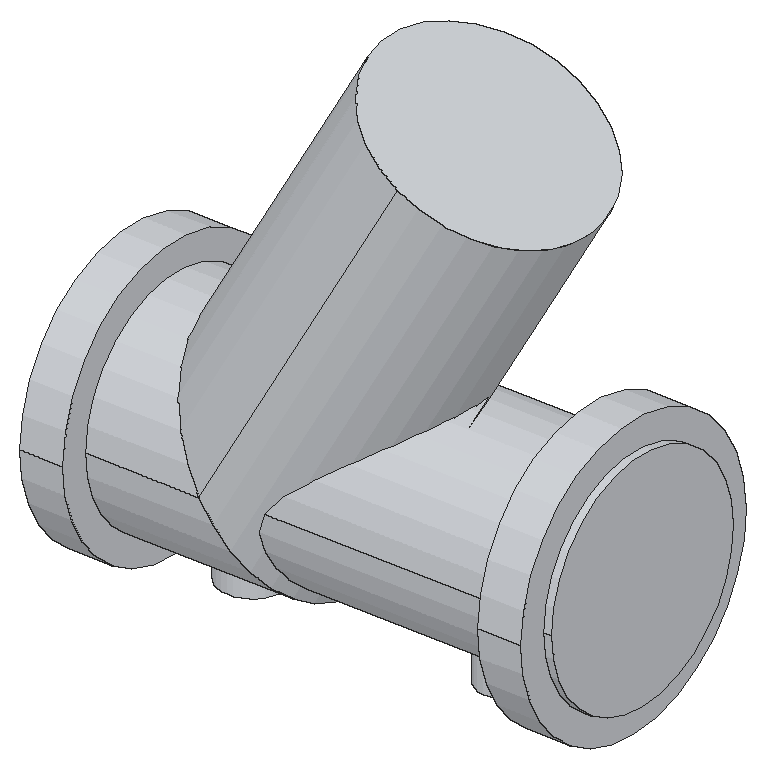
Revit family "HS 821-síto_standard-PN16-DN300-RFA_2019", category Pipe Accessories, Revit 2019
Family settings
  Round Connector Dimension = Use Diameter
  Part Type = Breaks Into
  Work Plane-Based = No
  Always vertical = Yes
  Cut with Voids When Loaded = No
  Shared = No
Parameters (values of type "821A-DN300-PN16-síto_standard")
  magiProductId = "9ad0af747269428da925480d83ce80"
  magiProductFamilyId = "79214ac3aaa945e397802f559f5c1e"
  magiPartTypeId = 307
  isMeasuringValve [instance] = no
  ang2D [instance] = 0.00°
  ZB__ve = -ZB  # -71 mm
  ZB1 = 149.85 mm
  ZB = 71 mm
  X2 = 325.914 mm
  X1 = 119 mm
  W2D = 15 mm
  VersionID = "2.0/2017.9.26.1/ZETKAMA_821_001"
  Use Minimum Symbol Size [instance] = yes
  URL = "www.hydronix.cz"
  Type Comments = "Filtr přírubový; síto standardní; A-PN16 (-10~300°C); D-PN25 (-10~350°C); F-PN40 (-10~400°C)"
  S = 370 mm
  QmdConnectorList = "301;D;302;D"
  Productdata [instance] = ""
  Manufacturer = "Hydronix"
  MC Product Code = "200 195 (821A; DN300; PN16; kvs1916; oko síta 1,60mm)"
  LM1 = 68 mm
  LM = 680 mm
  L4 = 212.5 mm
  L2D_Min = 3048 mm
  L2D = 130 mm
  L2 = 425 mm
  HH2 = 564.5 mm
  FD = 460 mm
  Description = "Filtr přírubový; síto standardní; 821A-PN16; 821D-PN25; 821F-PN40"
  DM1 = 369.6 mm
  DM = 333 mm
  D = 300 mm
  CC = 14.45 mm
  CAT0 = yes
  C1 = 70.55 mm
  C = 85 mm
  BD = 104.895 mm
Types (40, lengths in mm): name | magiProductId | ZB__ve | ZB1 | ZB | X2 | X1 | S | MC Product Code | LM1 | LM | L4 | L2 | HH2 | FD | DM1 | DM | D | CC | C1 | C | BD
  821A-DN015-PN16-síto_standard | "a71bcfe8b393460598b23e8ddf7dc5" | -16.25 | 18.63 | 16.25 | 46.982 | 18.2 | 46 | "200 115 (821A; DN015; PN16; kvs6,3; oko síta 1,00mm)" | 10.4 | 104 | 32.5 | 65 | 81.375 | 95 | 27.6 | 41.4 | 15 | 2.21 | 10.79 | 13 | 13.041
  821A-DN020-PN16-síto_standard | "41cd6c7a12924f4991217528336076" | -17.75 | 22.68 | 17.75 | 51.673 | 21 | 56 | "200 120 (821A; DN020; PN16; kvs11,2; oko síta 1,00mm)" | 12 | 120 | 37.5 | 75 | 89.5 | 105 | 33.6 | 50.4 | 20 | 2.55 | 12.45 | 15 | 15.876
  821A-DN025-PN16-síto_standard | "be378b463ed14c3abf4c9b3ae8cf3a" | -19.25 | 26.325 | 19.25 | 58.601 | 22.4 | 65 | "200 125 (821A; DN025; PN16; kvs14,7; oko síta 1,00mm)" | 12.8 | 128 | 40 | 80 | 101.5 | 115 | 43.2 | 58.5 | 25 | 2.72 | 13.28 | 16 | 18.427
  821A-DN032-PN16-síto_standard | "227a0d18b21540afabe8b6067d35fa" | -23 | 30.78 | 23 | 68.849 | 25.2 | 76 | "200 132 (821A; DN032; PN16; kvs23,7; oko síta 1,00mm)" | 14.4 | 144 | 45 | 90 | 119.25 | 140 | 50.4 | 68.4 | 32 | 3.06 | 14.94 | 18 | 21.546
  821A-DN040-PN16-síto_standard | "d106917c74724141a10440112d0102" | -24.5 | 34.02 | 24.5 | 75.777 | 28 | 84 | "200 140 (821A; DN040; PN16; kvs37,7; oko síta 1,00mm)" | 16 | 160 | 50 | 100 | 131.25 | 150 | 60 | 75.6 | 40 | 3.4 | 16.6 | 20 | 23.814
  821A-DN050-PN16-síto_standard | "8255d456a09e4f6486734f5dd9171b" | -26.75 | 40.095 | 26.75 | 79.061 | 32.2 | 99 | "200 150 (821A; DN050 PN16; kvs57,9; oko síta 1,00mm)" | 18.4 | 184 | 57.5 | 115 | 136.938 | 165 | 73.8 | 89.1 | 50 | 3.91 | 19.09 | 23 | 28.066
  821A-DN065-PN16-síto_standard | "235b1b3e4c0843779a4d5e3716d40a" | -29.75 | 47.79 | 29.75 | 86.927 | 40.6 | 118 | "200 165 (821A; DN065; PN16; kvs101,5; oko síta 1,25mm)" | 23.2 | 232 | 72.5 | 145 | 150.562 | 185 | 94.2 | 106.2 | 65 | 4.93 | 24.07 | 29 | 33.453
  821A-DN080-PN16-síto_standard | "a067f7c5236348ed8c820d16df7214" | -32 | 53.46 | 32 | 104.753 | 43.4 | 132 | "200 180 (821A; DN080; PN16; kvs147,4; oko síta 1,25mm)" | 24.8 | 248 | 77.5 | 155 | 181.438 | 200 | 107.4 | 118.8 | 80 | 5.27 | 25.73 | 31 | 37.422
  821A-DN100-PN16-síto_standard | "c49a648c2747461285837d643703cd" | -35 | 63.18 | 35 | 114.857 | 49 | 156 | "200 190 (821A; DN100; PN16; kvs209,6; oko síta 1,60mm)" | 28 | 280 | 87.5 | 175 | 198.937 | 220 | 131.4 | 140.4 | 100 | 5.95 | 29.05 | 35 | 44.226
  821A-DN125-PN16-síto_standard | "bf68e728a163493cbd2a663b26ebdc" | -39.5 | 74.52 | 39.5 | 131.888 | 56 | 184 | "200 191 (821A; DN125; PN16; kvs326,2; oko síta 1,60mm)" | 32 | 320 | 100 | 200 | 228.438 | 250 | 165 | 165.6 | 125 | 6.8 | 33.2 | 40 | 52.164
  821A-DN150-PN16-síto_standard | "2de770284b654863ae6bc865769dc5" | -44.75 | 85.455 | 44.75 | 155.885 | 67.2 | 211 | "200 192 (821A; DN150; PN16; kvs403; oko síta 1,60mm)" | 38.4 | 384 | 120 | 240 | 270 | 285 | 192 | 189.9 | 150 | 8.16 | 39.84 | 48 | 59.818
  821A-DN200-PN16-síto_standard | "8e5693371ab64aabb29a7f08c76e15" | -53 | 107.73 | 53 | 188.361 | 84 | 266 | "200 193 (821A; DN200; PN16; kvs707; oko síta 1,60mm)" | 48 | 480 | 150 | 300 | 326.25 | 340 | 252 | 239.4 | 200 | 10.2 | 49.8 | 60 | 75.411
  821A-DN250-PN16-síto_standard | "05e37ed948c34047acdd4c42556504" | -62.75 | 129.195 | 62.75 | 255.911 | 102.2 | 319 | "200 194 (821A; DN250; PN16; kvs1234; oko síta 1,60mm)" | 58.4 | 584 | 182.5 | 365 | 443.25 | 405 | 309.6 | 287.1 | 250 | 12.41 | 60.59 | 73 | 90.436
  821A-DN300-PN16-síto_standard | "9ad0af747269428da925480d83ce80" | -71 | 149.85 | 71 | 325.914 | 119 | 370 | "200 195 (821A; DN300; PN16; kvs1916; oko síta 1,60mm)" | 68 | 680 | 212.5 | 425 | 564.5 | 460 | 369.6 | 333 | 300 | 14.45 | 70.55 | 85 | 104.895
  821A-DN350-PN16-síto_standard | "eebc71459bb3451bb4355e7951370a" | -80 | 173.745 | 80 | 356.875 | 137.2 | 429 | "200 196 (821A; DN350; PN16; kvs2621; oko síta 1,60mm)" | 78.4 | 784 | 245 | 490 | 618.125 | 520 | 438 | 386.1 | 350 | 16.66 | 81.34 | 98 | 121.621
  821A-DN400-PN16-síto_standard | "d2f677cb196647e385b2590e7d8abe" | -89 | 194.4 | 89 | 392.237 | 154 | 480 | "200 197 (821A; DN400; PN16; kvs3460; oko síta 1,60mm)" | 88 | 880 | 275 | 550 | 679.375 | 580 | 498 | 432 | 400 | 18.7 | 91.3 | 110 | 136.08
  821D-DN015-PN25-síto_standard | "27ddcbf555414f8ca1fde329bf9087" | -16.25 | 18.63 | 16.25 | 46.982 | 18.2 | 46 | "200 215 (821D; DN015; PN25; kvs6,3; oko síta 1,00mm)" | 10.4 | 104 | 32.5 | 65 | 81.375 | 95 | 27.6 | 41.4 | 15 | 2.21 | 10.79 | 13 | 13.041
  821D-DN020-PN25-síto_standard | "270e0f14012f47189cd0235c18faee" | -17.75 | 22.68 | 17.75 | 51.673 | 21 | 56 | "200 220 (821D; DN020; PN25; kvs11,2; oko síta 1,00mm)" | 12 | 120 | 37.5 | 75 | 89.5 | 105 | 33.6 | 50.4 | 20 | 2.55 | 12.45 | 15 | 15.876
  821D-DN025-PN25-síto_standard | "b9a7fb4aa36643878c637d8e1ab992" | -19.25 | 26.325 | 19.25 | 58.601 | 22.4 | 65 | "200 225 (821D; DN025; PN25; kvs14,7; oko síta 1,00mm)" | 12.8 | 128 | 40 | 80 | 101.5 | 115 | 43.2 | 58.5 | 25 | 2.72 | 13.28 | 16 | 18.427
  821D-DN032-PN25-síto_standard | "6be9a55c4e68400f94eec7e804204c" | -23 | 30.78 | 23 | 68.849 | 25.2 | 76 | "200 232 (821D; DN032; PN25; kvs23,7; oko síta 1,00mm)" | 14.4 | 144 | 45 | 90 | 119.25 | 140 | 50.4 | 68.4 | 32 | 3.06 | 14.94 | 18 | 21.546
  821D-DN040-PN25-síto_standard | "c54511bd7f584ec2984291479612cb" | -24.5 | 34.02 | 24.5 | 75.777 | 28 | 84 | "200 240 (821D; DN040; PN25; kvs37,7; oko síta 1,00mm)" | 16 | 160 | 50 | 100 | 131.25 | 150 | 60 | 75.6 | 40 | 3.4 | 16.6 | 20 | 23.814
  821D-DN050-PN25-síto_standard | "5483b1f596b04cd39b23a14a22c90e" | -26.75 | 40.095 | 26.75 | 79.061 | 32.2 | 99 | "200 250 (821D; DN050; PN25; kvs57,9; oko síta 1,00mm)" | 18.4 | 184 | 57.5 | 115 | 136.938 | 165 | 73.8 | 89.1 | 50 | 3.91 | 19.09 | 23 | 28.066
  821D-DN065-PN25-síto_standard | "767b0f8318e94750bc7a9930ed5b30" | -29.75 | 47.79 | 29.75 | 86.927 | 40.6 | 118 | "200 265 (821D; DN065; PN25; kvs101,5; oko síta 1,25mm)" | 23.2 | 232 | 72.5 | 145 | 150.562 | 185 | 94.2 | 106.2 | 65 | 4.93 | 24.07 | 29 | 33.453
  821D-DN080-PN25-síto_standard | "e21040fa3cc2404b858198f6b73709" | -32 | 53.46 | 32 | 104.753 | 43.4 | 132 | "200 280 (821D; DN080; PN25; kvs147,4; oko síta 1,25mm)" | 24.8 | 248 | 77.5 | 155 | 181.438 | 200 | 107.4 | 118.8 | 80 | 5.27 | 25.73 | 31 | 37.422
  821D-DN100-PN25-síto_standard | "175ca87a506b40b3bc6b82f12f33cf" | -37.25 | 63.18 | 37.25 | 114.857 | 49 | 156 | "200 290 (821D; DN100; PN25; kvs209,6; oko síta 1,60mm)" | 28 | 280 | 87.5 | 175 | 198.937 | 235 | 131.4 | 140.4 | 100 | 5.95 | 29.05 | 35 | 44.226
  821D-DN125-PN25-síto_standard | "77cc98d60da24855999a22dff726b2" | -42.5 | 74.52 | 42.5 | 131.888 | 56 | 184 | "200 291 (821D; DN125; PN25; kvs326,2; oko síta 1,60mm)" | 32 | 320 | 100 | 200 | 228.438 | 270 | 165 | 165.6 | 125 | 6.8 | 33.2 | 40 | 52.164
  821D-DN150-PN25-síto_standard | "9cf8acfcd15547d68e83172d3abcbe" | -47 | 85.455 | 47 | 155.885 | 67.2 | 211 | "200 292 (821D; DN150; PN25; kvs403; oko síta 1,60mm)" | 38.4 | 384 | 120 | 240 | 270 | 300 | 192 | 189.9 | 150 | 8.16 | 39.84 | 48 | 59.818
  821D-DN200-PN25-síto_standard | "16973f3c9ea14389ba8602495a6b64" | -56 | 110.97 | 56 | 188.361 | 84 | 274 | "200 293 (821D; DN200; PN25; kvs707; oko síta 1,60mm)" | 48 | 480 | 150 | 300 | 326.25 | 360 | 252 | 246.6 | 200 | 10.2 | 49.8 | 60 | 77.679
  821F-DN015-PN40-síto_standard | "4c7eaf3c4c0340888b3e684d8a8616" | -16.25 | 18.225 | 16.25 | 46.982 | 18.2 | 45 | "240 615 (821F; DN015; PN40; kvs6,3; oko síta 1,00mm)" | 10.4 | 104 | 32.5 | 65 | 81.375 | 95 | 27.6 | 40.5 | 15 | 2.21 | 10.79 | 13 | 12.757
  821F-DN020-PN40-síto_standard | "aaac5f1ec96b44d6ba96ac2293d66d" | -17.75 | 23.49 | 17.75 | 51.673 | 21 | 58 | "240 620 (821F; DN020; PN40; kvs11,2; oko síta 1,00mm)" | 12 | 120 | 37.5 | 75 | 89.5 | 105 | 33.6 | 52.2 | 20 | 2.55 | 12.45 | 15 | 16.443
  821F-DN025-PN40-síto_standard | "504768023968471481789485b54c7e" | -19.25 | 27.54 | 19.25 | 58.601 | 22.4 | 68 | "240 625 (821F; DN025; PN40; kvs14,7; oko síta 1,00mm)" | 12.8 | 128 | 40 | 80 | 101.5 | 115 | 43.2 | 61.2 | 25 | 2.72 | 13.28 | 16 | 19.278
  821F-DN032-PN40-síto_standard | "165e7f39cf744f329bdf1c400dad12" | -23 | 31.59 | 23 | 68.849 | 25.2 | 78 | "240 632 (821F; DN032; PN40; kvs23,7; oko síta 1,00mm)" | 14.4 | 144 | 45 | 90 | 119.25 | 140 | 50.4 | 70.2 | 32 | 3.06 | 14.94 | 18 | 22.113
  821F-DN040-PN40-síto_standard | "b8903f952089408fbf3a5a632bab1f" | -24.5 | 35.64 | 24.5 | 75.777 | 28 | 88 | "240 640 (821F; DN040; PN40; kvs37,7; oko síta 1,00mm)" | 16 | 160 | 50 | 100 | 131.25 | 150 | 60 | 79.2 | 40 | 3.4 | 16.6 | 20 | 24.948
  821F-DN050-PN40-síto_standard | "c451f97266fe48da8f879cb6a2bd44" | -26.75 | 41.31 | 26.75 | 79.061 | 32.2 | 102 | "240 650 (821F; DN050; PN40; kvs57,9; oko síta 1,00mm)" | 18.4 | 184 | 57.5 | 115 | 136.938 | 165 | 73.8 | 91.8 | 50 | 3.91 | 19.09 | 23 | 28.917
  821F-DN065-PN40-síto_standard | "dc9821e3f9b34e128f6a8c6b34c198" | -29.75 | 49.41 | 29.75 | 86.927 | 40.6 | 122 | "240 665 (821F; DN065; PN40; kvs101,5; oko síta 1,25mm)" | 23.2 | 232 | 72.5 | 145 | 150.562 | 185 | 94.2 | 109.8 | 65 | 4.93 | 24.07 | 29 | 34.587
  821F-DN080-PN40-síto_standard | "689aa1e260f84cf4994f027a1d86b5" | -32 | 55.89 | 32 | 104.753 | 43.4 | 138 | "240 680 (821F; DN080; PN40; kvs147,4; oko síta 1,25mm)" | 24.8 | 248 | 77.5 | 155 | 181.438 | 200 | 107.4 | 124.2 | 80 | 5.27 | 25.73 | 31 | 39.123
  821F-DN100-PN40-síto_standard | "8a45d4e8e2ab425f8c432f21d684f3" | -37.25 | 65.61 | 37.25 | 114.857 | 49 | 162 | "240 690 (821F; DN100; PN40; kvs209,6; oko síta 1,6mm)" | 28 | 280 | 87.5 | 175 | 198.937 | 235 | 131.4 | 145.8 | 100 | 5.95 | 29.05 | 35 | 45.927
  821F-DN125-PN40-síto_standard | "cf073904c006406b8645afa67ea2fc" | -42.5 | 76.14 | 42.5 | 131.888 | 56 | 188 | "240 691 (821F; DN125; PN40; kvs326,2; oko síta 1,6mm)" | 32 | 320 | 100 | 200 | 228.438 | 270 | 165 | 169.2 | 125 | 6.8 | 33.2 | 40 | 53.298
  821F-DN150-PN40-síto_standard | "0153b9ddabe14992a630484929fdbc" | -47 | 88.29 | 47 | 155.885 | 67.2 | 218 | "240 692 (821F; DN150; PN40; kvs403; oko síta 1,6mm)" | 38.4 | 384 | 120 | 240 | 270 | 300 | 192 | 196.2 | 150 | 8.16 | 39.84 | 48 | 61.803
  821F-DN200-PN40-síto_standard | "7fb3fc01dd8d42428c203e3f8dd4d5" | -56 | 115.425 | 56 | 188.361 | 84 | 285 | "240 693 (821F; DN200; PN40; kvs707; oko síta 1,6mm)" | 48 | 480 | 150 | 300 | 326.25 | 360 | 252 | 256.5 | 200 | 10.2 | 49.8 | 60 | 80.797
Reference planes
  plane 1 "Center (Front/Back)": y = 0
  plane 2 "XYPLANE": z = 0
  plane 3 "Center (Left/Right)": x = 0
  plane 4 "109": x = -272
  plane 5 "108": x = 340
  plane 6 "107": x = -340
  plane 7 "105": x = 425
  plane 8 "104": x = -425
  plane 9 "103": y = 0
  plane 10 "102": z = 0
  plane 11 "101": x = -410.55
  plane 12 "100": x = 410.55
  plane 13 "11": x = -153
  plane 14 "10": z = 564.5
  plane 15 "9": x = 172.914
  plane 16 "5": z = -149.85
  plane 17 "4": x = -212.5
  plane 18 "1": x = 212.5
Forms (mm)
  Extrusion 1, solid, visible <- "CAT0"
    sketch origin (-340, -750, 0) x (0, 1, 0) y (0, 0, 1)
      loop
        circle (750, 0) r 166.5
    from 0 to 680 <- "LM"
  Extrusion 2, solid
    sketch origin (-425, -750, 0) x (0, 1, 0) y (0, 0, 1)
      loop
        circle (750, 0) r 185
    from 0 to 14.45 <- "CC"
  Extrusion 3, solid
    sketch origin (-410.55, -750, 0) x (0, 1, 0) y (0, 0, 1)
      loop
        circle (750, 0) r 230
    from 0 to 70.55 <- "C1"
  Extrusion 4, solid
    sketch origin (340, -750, 0) x (0, 1, 0) y (0, 0, 1)
      loop
        circle (750, 0) r 230
    from 0 to 70.55 <- "C1"
  Extrusion 5, solid
    sketch origin (410.55, -750, 0) x (0, 1, 0) y (0, 0, 1)
      loop
        circle (750, 0) r 185
    from 0 to 14.45 <- "CC"
  Sweep 6, solid, visible <- "CAT0"
    path origin (750, 0, 0) x (-1, 0, 0) y (0, 0, 1)
      loop
        line (1090, 0) -> (903, 0) -> (577.086, 564.5)
    profile origin (-340, 0, 0) x (0, 0, -1) y (0, 1, 0)
      loop
        circle (0, 0) r 184.8
  Extrusion 7, solid, visible <- "CAT0"
    sketch origin (-750, 0, -149.85) x (1, 0, 0) y (0, 1, 0)
      loop
        circle (537.5, 0) r 52.447
    from 0 to -71 <- "ZB__ve"
  Extrusion 8, solid, visible <- "CAT0"
    sketch origin (-750, 0, -149.85) x (1, 0, 0) y (0, 1, 0)
      loop
        circle (962.5, 0) r 52.447
    from 0 to -71 <- "ZB__ve"
  Extrusion 9, solid, not visible
    sketch origin (425, -750, 0) x (0, 1, 0) y (0, 0, 1)
      loop
        circle (750, 0) r 10
    from 0 to -10
  Extrusion 10, solid, not visible
    sketch origin (-425, -750, 0) x (0, 1, 0) y (0, 0, 1)
      loop
        circle (750, 0) r 10
    from 0 to 10
Lines and regions (mm)
  reference lines, not visible
    curve 1: circle (2, 2, 0) r 1 normal (0, 0, 1)
Dimensions and locks
  plane 1 "Center (Front/Back)" to curve 1 = 2 mm
  "LM1": plane 6 "107" to plane 4 "109"
  "LM": plane 6 "107" to plane 5 "108"
  "C": plane 8 "104" to plane 6 "107"
  "L2": plane 3 "Center (Left/Right)" to plane 7 "105"
  "L2": plane 3 "Center (Left/Right)" to plane 8 "104"
  locked: plane 1 "Center (Front/Back)" to plane 9 "103"
  locked: plane 2 "XYPLANE" to plane 10 "102"
  "CC": plane 8 "104" to plane 11 "101"
  "C1": plane 5 "108" to plane 12 "100"
  "X1": plane 4 "109" to plane 13 "11"
  "HH2": plane 2 "XYPLANE" to plane 14 "10"
  "X2": plane 13 "11" to plane 15 "9"
  "ZB1": plane 2 "XYPLANE" to plane 16 "5"
  "L4": plane 8 "104" to plane 17 "4"
  "L2": plane 17 "4" to plane 18 "1"
  Sweep 6 sketch curve to Sweep 6 sketch curve = 0 mm  (x2)
  "DM": diameter of Extrusion 1 sketch curve
  "S": diameter of Extrusion 2 sketch curve
  "FD": diameter of Extrusion 3 sketch curve
  "FD": diameter of Extrusion 4 sketch curve
  "S": diameter of Extrusion 5 sketch curve
  "DM1": diameter of Sweep 6 sketch curve
  "BD": diameter of Extrusion 7 sketch curve
  "BD": diameter of Extrusion 8 sketch curve
  aligned and locked: level to plane 2 "XYPLANE"
  aligned and locked: Extrusion 1 sketch curve to plane 9 "103"
  aligned and locked: plane 10 "102" to Extrusion 1 sketch curve
  aligned and locked: Extrusion 2 sketch curve to plane 9 "103"
  aligned and locked: plane 10 "102" to Extrusion 2 sketch curve
  aligned and locked: Extrusion 3 sketch curve to plane 9 "103"
  aligned and locked: plane 10 "102" to Extrusion 3 sketch curve
  aligned and locked: Extrusion 4 sketch curve to plane 9 "103"
  aligned and locked: plane 10 "102" to Extrusion 4 sketch curve
  aligned and locked: Extrusion 5 sketch curve to plane 9 "103"
  aligned and locked: plane 10 "102" to Extrusion 5 sketch curve
  aligned and locked: Sweep 6 sketch curve to plane 9 "103"
  aligned and locked: plane 10 "102" to Sweep 6 sketch curve  (x3)
  aligned and locked: plane 6 "107" to Sweep 6 sketch curve
  aligned and locked: plane 13 "11" to Sweep 6 sketch curve
  aligned and locked: plane 14 "10" to Sweep 6 sketch curve
  aligned and locked: plane 15 "9" to Sweep 6 sketch curve
  aligned and locked: plane 9 "103" to Extrusion 7 sketch curve
  aligned and locked: plane 17 "4" to Extrusion 7 sketch curve
  aligned and locked: plane 9 "103" to Extrusion 8 sketch curve
  aligned and locked: plane 18 "1" to Extrusion 8 sketch curve
  aligned and locked: Extrusion 9 sketch curve to plane 9 "103"
  aligned and locked: plane 10 "102" to Extrusion 9 sketch curve
  aligned and locked: Extrusion 10 sketch curve to plane 9 "103"
  aligned and locked: plane 10 "102" to Extrusion 10 sketch curve
Automatic sketch dimensions
  plane 1 "Center (Front/Back)" to Extrusion 9 sketch curve = 10 mm
  plane 1 "Center (Front/Back)" to Extrusion 10 sketch curve = 10 mm
  plane 3 "Center (Left/Right)" to curve 1 = 2 mm
  radius of curve 1 = 1 mm
Connectors
  piping at (-425, 0, 0), diameter 300, driven by "D"
    settings: on Extrusion 10, index 1, connector inside diameter 609.6 mm, connector length 0 mm, flow factor 0, pipe flow 0.0 L/s, pressure drop 0.0 Pa, fitting loss kfactor 0, connector angle 0.00°, fixture units 0, engagement length 0 mm, angle of deflection 0.00°, flow configuration 0, flow direction 0, fitting loss method 0, system type 29, joint type 0, gender type 0, connector reference index 2, connector utility 0, adjustable connector no, is connector primary yes, connector description ""
  piping at (425, 0, 0), diameter 300, driven by "D"
    settings: on Extrusion 9, index 2, connector inside diameter 609.6 mm, connector length 0 mm, flow factor 0, pipe flow 0.0 L/s, pressure drop 0.0 Pa, fitting loss kfactor 0, connector angle 0.00°, fixture units 0, engagement length 0 mm, angle of deflection 0.00°, flow configuration 0, flow direction 0, fitting loss method 0, system type 29, joint type 0, gender type 0, connector reference index 1, connector utility 0, adjustable connector no, is connector primary no, connector description ""
